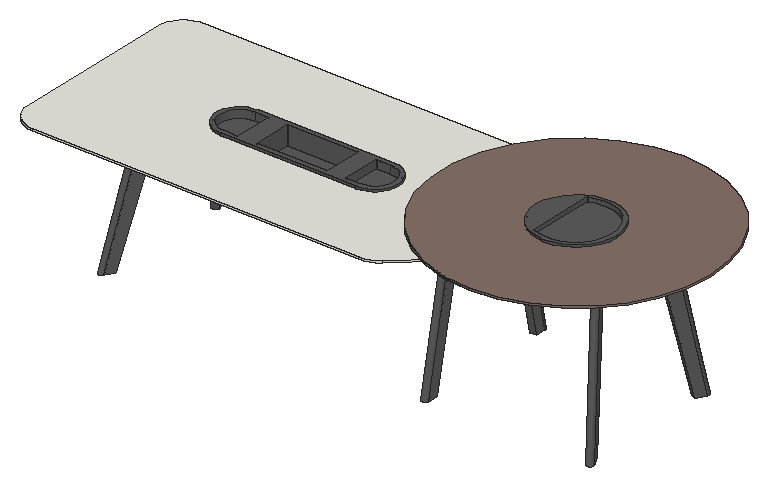
Revit family "Haworth_Immerse_ShiftTable_RectangleRound", category Furniture Systems, Revit 2018
Family settings
  Round Connector Dimension = Use Diameter
  Part Type = Normal
  OmniClass Number = 23.40.70.14.64.21
  OmniClass Title = Systems Furniture
  Work Plane-Based = No
  Always vertical = Yes
  Cut with Voids When Loaded = No
  Shared = No
  Room Calculation Point = No
Parameters (values of type "48d 96w 60dia 29h - Two Planters")
  Warranty = "http://www.haworth.com/resources/product-info/warranties"
  Void Baseline Height = 18"  # constant formula
  Upper Top Finish [instance] = Haworth _ Wood _ Walnut
  Understructure Finish [instance] = Haworth _ Paint _ Black
  URL - Product = "http://www.haworth.com/products/tables/collaborative/immerse"
  Standard Size = "48d 96w, 60d 60w"  # constant formula
  Standard Height = "29 in."  # constant formula
  Stack Spacer Finish [instance] = Haworth _ Paint _ Graphite
  Size = "Verify Final Dim. w/ Haworth"  # constant formula
  Round Planter Void Height = if(Round Planter, 30", 6")  # 30"
  Round Planter = yes
  Planter Finish [instance] = Haworth _ Paint _ Black
  Oblong Planter Void Height = if(Oblong Planter, 22", 6")  # 22"
  Oblong Planter = yes
  Model = "THRD-48D8"
  URL = "https://www.haworth.com/na/en.html"
  Revision Number = "1"  # constant formula
  Manufacturer = "Haworth"  # constant formula
  Lower Top Finish [instance] = Haworth _ Paint _ Polar
  Leg Finish [instance] = Haworth _ Wood _ Ink On Ash
  Description = "Haworth Immerse Shift Table Rectangle Round - 48d 96w 60dia 29h - Two Planters"
  Author = "Haworth (Hampton)"  # constant formula
  Assembly Code = "E2020200"
  Actual Width = 138"  # constant formula
  Actual Height = 29"  # constant formula
  Actual Depth = 60"  # constant formula
Types (5): name | Round Planter Void Height | Round Planter | Oblong Planter Void Height | Oblong Planter | Description
  (no name) | 30" | yes | 22" | yes | "Haworth Immerse Shift Table Rectangle Round - 48d 96w 60dia 29h - Two Planters"
  48d 96w 60dia 29h - Round Planter | 30" | yes | 6" | no | "Haworth Immerse Shift Table Rectangle Round - 448d 96w 60dia 29h - Round Planter"
  48d 96w 60dia 29h - No Planter | 6" | no | 6" | no | "Haworth Immerse Shift Table Rectangle Round - 48d 96w 60dia 29h - No Planters"
  48d 96w 60dia 29h - Oblong Planter | 6" | no | 22" | yes | "Haworth Immerse Shift Table Rectangle Round - 48d 96w 60dia 29h - Oblong Planter"
  48d 96w 60dia 29h - Two Planters | 30" | yes | 22" | yes | "Haworth Immerse Shift Table Rectangle Round - 48d 96w 60dia 29h - Two Planters"
Reference planes (in)
  plane 1 "Center F/B": y = 18.84134
  plane 2 "Floor": z = 0
  plane 3 "Center L/R": x = -40.5
  plane 4 "Table Edge Left": x = -109.5
  plane 5 "Table Edge Right": x = 28.5
  plane 6 "Table Edge Front": y = -11.15866
  plane 7 "Table Edge Back": y = 48.84134
  plane 8 "Round Top": z = 35.75002
  plane 9 "Rect Back": y = 42.84134
  plane 10 "Rect Front": y = -5.15866
  plane 11 "Rect Left": x = -13.5
  plane 12 "Top Radius": x = -28.5
  plane 13 "Round Mid": z = 35.37446
  plane 14 "Round Bottom": z = 34.56196
  plane 15 "Rect Top": z = 29
  plane 16 "Rect Mid": z = 28.62445
  plane 17 "Rect Bottom": z = 27.81195
  plane 18 "Round Center": x = -1.5
  plane 19 "Lower Void Top": z = 40
  plane 20 "Void Bottom": z = 18
  plane 21 "Upper Void Top": z = 48
  plane 22 "Oblong Mid": x = -61.52883
  plane 23: x = -31.50038
  plane 24: z = 25.26507
  plane 25: z = 32.01448
Forms (in)
  Extrusion 1, solid, material "Haworth _ Paint _ Polar" <- "Lower Top Finish"
    sketch origin (0, 0, 37.5) x (-1, 0, 0) y (0, -1, 0)
      loop
        line (30.83857, -42.84134) -> (103.5, -42.84134)
        arc (103.5, -42.84134) -> (107.74264, -41.08398) -> (109.5, -36.84134) r 6
        line (109.5, -36.84134) -> (109.5, -0.84134)
        arc (109.5, -0.84134) -> (107.74264, 3.4013) -> (103.5, 5.15866) r 6
        line (103.5, 5.15866) -> (30.83857, 5.15866)
        arc (30.83857, 5.15866) -> (28.65965, 4.74904) -> (26.77825, 3.57611) r 6
        line (26.77825, 3.57611) -> (15.43969, -6.84578)
        arc (15.43969, -6.84578) -> (14.00628, -8.85096) -> (13.5, -11.26323) r 6
        line (13.5, -11.26323) -> (13.5, -26.41945)
        arc (13.5, -26.41945) -> (14.00628, -28.83173) -> (15.43969, -30.8369) r 6
        line (15.43969, -30.8369) -> (26.77825, -41.25879)
        arc (26.77825, -41.25879) -> (28.65965, -42.43172) -> (30.83857, -42.84134) r 6
    from -8.87555 to -8.5
  Blend 2, solid, material "Haworth _ Paint _ Polar" <- "Lower Top Finish"
    base sketch origin (0, 0, 28.62445) x (0, -1, 0) y (1, 0, 0)
      loop
        arc (-40.84134, -103.5) -> (-39.66977, -106.32843) -> (-36.84134, -107.5) r 4
        line (-36.84134, -107.5) -> (-0.84134, -107.5)
        arc (-0.84134, -107.5) -> (1.98709, -106.32843) -> (3.15866, -103.5) r 4
        line (3.15866, -103.5) -> (3.15866, -31.61809)
        arc (3.15866, -31.61809) -> (2.74904, -29.43918) -> (1.57611, -27.55777) r 6
        line (1.57611, -27.55777) -> (-7.72397, -17.43969)
        arc (-7.72397, -17.43969) -> (-9.72915, -16.00628) -> (-12.14142, -15.5) r 6
        line (-12.14142, -15.5) -> (-25.54126, -15.5)
        arc (-25.54126, -15.5) -> (-27.95353, -16.00628) -> (-29.95871, -17.43969) r 6
        line (-29.95871, -17.43969) -> (-39.25879, -27.55777)
        arc (-39.25879, -27.55777) -> (-40.43172, -29.43918) -> (-40.84134, -31.61809) r 6
        line (-40.84134, -31.61809) -> (-40.84134, -103.5)
    top sketch origin (0, 0, 28.62445) x (0, -1, 0) y (1, 0, 0)
      loop
        arc (-42.84134, -103.5) -> (-41.08398, -107.74264) -> (-36.84134, -109.5) r 6
        line (-36.84134, -109.5) -> (-0.84134, -109.5)
        arc (-0.84134, -109.5) -> (3.4013, -107.74264) -> (5.15866, -103.5) r 6
        line (5.15866, -103.5) -> (5.15866, -30.83857)
        arc (5.15866, -30.83857) -> (4.74904, -28.65965) -> (3.57611, -26.77825) r 6
        line (3.57611, -26.77825) -> (-6.84578, -15.43969)
        arc (-6.84578, -15.43969) -> (-8.85096, -14.00628) -> (-11.26323, -13.5) r 6
        line (-11.26323, -13.5) -> (-26.41945, -13.5)
        arc (-26.41945, -13.5) -> (-28.83173, -14.00628) -> (-30.8369, -15.43969) r 6
        line (-30.8369, -15.43969) -> (-41.25879, -26.77825)
        arc (-41.25879, -26.77825) -> (-42.43172, -28.65965) -> (-42.84134, -30.83857) r 6
        line (-42.84134, -30.83857) -> (-42.84134, -103.5)
    from -0.8125 to 0
  Extrusion 3, solid, material "Haworth _ Wood _ Walnut" <- "Upper Top Finish"
    sketch origin (0, 0, 28.62445) x (0, -1, 0) y (1, 0, 0)
      loop
        circle (-18.84134, -1.5) r 30
    from 6.75002 to 7.12557
  Blend 4, solid, material "Haworth _ Wood _ Walnut" <- "Upper Top Finish"
    base sketch origin (0, 0, 35.87445) x (0, -1, 0) y (1, 0, 0)
      loop
        circle (-18.84134, -1.5) r 28
    top sketch origin (0, 0, 35.37446) x (0, -1, 0) y (1, 0, 0)
      loop
        circle (-18.84134, -1.5) r 30
    from -1.31248 to 0
  Blend 5, solid, material "Haworth _ Wood _ Ink On Ash" <- "Leg Finish"
    base sketch origin (0, 0, 35.87445) x (0, -1, 0) y (1, 0, 0)
      loop
        line (-5.12742, -94.00965) -> (-3.14193, -95.15598)
        arc (-3.14193, -95.15598) -> (-2.08219, -94.87202) -> (-2.36615, -93.81228) r 0.77578
        line (-2.36615, -93.81228) -> (-4.35163, -92.66596) -> (-5.12742, -94.00965)
    top sketch origin (0, 0, 35.37446) x (0, -1, 0) y (1, 0, 0)
      loop
        line (-11.55301, -88.51006) -> (-12.32801, -89.85239) -> (-9.43473, -91.52283)
        arc (-9.43473, -91.52283) -> (-8.37606, -91.23915) -> (-8.65973, -90.18048) r 0.775
        line (-8.65973, -90.18048) -> (-11.55301, -88.51006)
    from -35.87445 to -7.55446
  Extrusion 6, solid, material "Haworth _ Paint _ Black" <- "Understructure Finish"
    sketch origin (0, 18.84134, 0) x (1, 0, 0) y (0, 0, 1)
      loop
        line (-88.54883, 27.81195) -> (-90.28088, 27.81195) -> (-90.28088, 25.26507) -> (-88.54883, 25.26507) -> (-88.54883, 27.81195)
    from -7.76609 to 7.8055
  Blend 7, solid, material "Haworth _ Wood _ Ink On Ash" <- "Leg Finish"
    base sketch origin (-80, 0, 35.37446) x (0, -1, 0) y (1, 0, 0)
      loop
        line (-5.12742, 94.00965) -> (-4.35163, 92.66596) -> (-2.36615, 93.81228)
        arc (-2.36615, 93.81228) -> (-2.08219, 94.87202) -> (-3.14193, 95.15598) r 0.77578
        line (-3.14193, 95.15598) -> (-5.12742, 94.00965)
    top sketch origin (-80, 0, 35.37446) x (0, -1, 0) y (1, 0, 0)
      loop
        line (-11.55301, 88.51006) -> (-8.65973, 90.18048)
        arc (-8.65973, 90.18048) -> (-8.37606, 91.23915) -> (-9.43473, 91.52283) r 0.775
        line (-9.43473, 91.52283) -> (-12.32801, 89.85239) -> (-11.55301, 88.51006)
    from -35.37446 to -0.8125
  Blend 8, solid, material "Haworth _ Wood _ Ink On Ash" <- "Leg Finish"
    base sketch origin (-80, 37.68268, 35.37446) x (0, 1, 0) y (-1, 0, 0)
      loop
        line (-5.12742, -94.00965) -> (-3.14193, -95.15598)
        arc (-3.14193, -95.15598) -> (-2.08219, -94.87202) -> (-2.36615, -93.81228) r 0.77578
        line (-2.36615, -93.81228) -> (-4.35163, -92.66596) -> (-5.12742, -94.00965)
    top sketch origin (-80, 37.68268, 35.37446) x (0, 1, 0) y (-1, 0, 0)
      loop
        line (-11.55301, -88.51006) -> (-12.32801, -89.85239) -> (-9.43473, -91.52283)
        arc (-9.43473, -91.52283) -> (-8.37606, -91.23915) -> (-8.65973, -90.18048) r 0.775
        line (-8.65973, -90.18048) -> (-11.55301, -88.51006)
    from -35.37446 to -0.8125
  Extrusion 9, solid, material "Haworth _ Paint _ Black" <- "Understructure Finish"
    sketch origin (-80, 18.84134, 6.75) x (-1, 0, 0) y (0, 0, -1)
      loop
        line (-88.54883, -27.81195) -> (-88.54883, -25.26448) -> (-90.28088, -25.26448) -> (-90.28088, -27.81195) -> (-88.54883, -27.81195)
    from -7.76609 to 7.8055
  Blend 10, solid, material "Haworth _ Wood _ Ink On Ash" <- "Leg Finish"
    base sketch origin (0, 0, 35.87445) x (0, -1, 0) y (1, 0, 0)
      loop
        line (-4.90286, -22.96047) -> (-2.64952, -22.96047)
        arc (-2.64952, -22.96047) -> (-1.87452, -22.18547) -> (-2.64952, -21.41047) r 0.775
        line (-2.64952, -21.41047) -> (-4.90286, -21.41047) -> (-4.90286, -22.96047)
    top sketch origin (0, 0, 35.37446) x (0, -1, 0) y (1, 0, 0)
      loop
        line (-10.91669, -22.96052) -> (-8.31345, -22.96052)
        arc (-8.31345, -22.96052) -> (-7.5384, -22.18547) -> (-8.31345, -21.41042) r 0.77505
        line (-8.31345, -21.41042) -> (-10.91669, -21.41042) -> (-10.91669, -22.96052)
    from -35.87445 to -7.56252
  Blend 11, solid, material "Haworth _ Wood _ Ink On Ash" <- "Leg Finish"
    base sketch origin (0, 37.68268, 35.37446) x (0, 1, 0) y (-1, 0, 0)
      loop
        line (-4.90286, 22.96047) -> (-4.90286, 21.41047) -> (-2.64952, 21.41047)
        arc (-2.64952, 21.41047) -> (-1.87452, 22.18547) -> (-2.64952, 22.96047) r 0.775
        line (-2.64952, 22.96047) -> (-4.90286, 22.96047)
    top sketch origin (0, 37.68268, 35.37446) x (0, 1, 0) y (-1, 0, 0)
      loop
        line (-10.91669, 22.96052) -> (-10.91669, 21.41042) -> (-8.31345, 21.41042)
        arc (-8.31345, 21.41042) -> (-7.5384, 22.18547) -> (-8.31345, 22.96052) r 0.77505
        line (-8.31345, 22.96052) -> (-10.91669, 22.96052)
    from -35.37446 to -7.56252
  Blend 12, solid, material "Haworth _ Paint _ Graphite" <- "Stack Spacer Finish"
    base sketch origin (0, 0, 35.37446) x (0, -1, 0) y (1, 0, 0)
      loop
        line (-29.60909, -22.93693) -> (-8.07359, -22.93693)
        arc (-8.07359, -22.93693) -> (-7.29856, -22.16189) -> (-8.07359, -21.38686) r 0.77503
        line (-8.07359, -21.38686) -> (-29.60909, -21.38686)
        arc (-29.60909, -21.38686) -> (-30.38413, -22.16189) -> (-29.60909, -22.93693) r 0.77503
    top sketch origin (0, 0, 35.37446) x (0, -1, 0) y (1, 0, 0)
      loop
        line (-28.279, -22.93693) -> (-9.40368, -22.93693)
        arc (-9.40368, -22.93693) -> (-8.62865, -22.16189) -> (-9.40368, -21.38686) r 0.77503
        line (-9.40368, -21.38686) -> (-28.279, -21.38686)
        arc (-28.279, -21.38686) -> (-29.05403, -22.16189) -> (-28.279, -22.93693) r 0.77503
    from -6.37446 to -0.80345
  Extrusion 13, solid, material "Haworth _ Paint _ Black" <- "Understructure Finish"
    sketch origin (3.75, 18.84134, 0) x (1, 0, 0) y (0, 0, 1)
      loop
        line (-26.68693, 27.81195) -> (-92.29883, 27.81195) -> (-92.29883, 25.26507) -> (-26.68693, 25.26507) -> (-26.68693, 27.81195)
    from 6.49696 to 7.90541
  Extrusion 14, solid, material "Haworth _ Paint _ Black" <- "Understructure Finish"
    sketch origin (3.75, 18.84134, 0) x (1, 0, 0) y (0, 0, -1)
      loop
        line (-26.68693, -27.81195) -> (-26.68693, -25.26507) -> (-92.29883, -25.26507) -> (-92.29883, -27.81195) -> (-26.68693, -27.81195)
    from 6.49696 to 7.90178
  Extrusion 15, solid, material "Haworth _ Paint _ Black" <- "Understructure Finish"
    sketch origin (-85.75, 18.84134, 6.75) x (-1, 0, 0) y (0, 0, -1)
      loop
        line (-64.4661, -27.81195) -> (-64.4661, -25.26448) -> (-94.29883, -25.26448) -> (-94.29883, -27.81195) -> (-64.4661, -27.81195)
    from -8.13731 to -6.75178
  Extrusion 16, solid, material "Haworth _ Paint _ Black" <- "Understructure Finish"
    sketch origin (-85.75, 18.84134, 6.75) x (-1, 0, 0) y (0, 0, 1)
      loop
        line (-64.4661, 27.81195) -> (-94.29883, 27.81195) -> (-94.29883, 25.26448) -> (-64.4661, 25.26448) -> (-64.4661, 27.81195)
    from -8.13731 to -6.73249
  Extrusion 17, solid, material "Haworth _ Paint _ Black" <- "Understructure Finish"
    sketch origin (67.24575, 18.84134, 0) x (1, 0, 0) y (0, 0, 1)
      loop
        line (-88.54883, 27.81195) -> (-90.28088, 27.81195) -> (-90.28088, 25.26507) -> (-88.54883, 25.26507) -> (-88.54883, 27.81195)
    from -8.74854 to 8.74854
  Extrusion 18, void
    sketch origin (0, 0, 18) x (-1, 0, 0) y (0, -1, 0)
      loop
        arc (76.59, -23.65134) -> (81.4, -18.84134) -> (76.59, -14.03134) r 4.81
        line (76.59, -14.03134) -> (46.41, -14.03134)
        arc (46.41, -14.03134) -> (41.6, -18.84134) -> (46.41, -23.65134) r 4.81
        line (46.41, -23.65134) -> (76.59, -23.65134)
    from 0 to 22
  Extrusion 19, void
    sketch origin (0, 0, 18) x (-1, 0, 0) y (0, -1, 0)
      loop
        line (5.61887, -26.65184) -> (5.61887, -23.65184) -> (8.9046, -23.65184)
        arc (8.9046, -23.65184) -> (10.33, -18.84134) -> (8.9046, -14.03084) r 8.83
        line (8.9046, -14.03084) -> (5.61887, -14.03084) -> (5.61887, -11.03084)
        arc (5.61887, -11.03084) -> (-7.33, -18.84134) -> (5.61887, -26.65184) r 8.83
    from 0 to 30
  Blend 20, solid, material "Haworth _ Wood _ Ink On Ash" <- "Leg Finish"
    base sketch origin (0, 37.68268, 35.37446) x (0, 1, 0) y (-1, 0, 0)
      loop
        line (-5.12742, 94.00965) -> (-4.35163, 92.66596) -> (-2.36615, 93.81228)
        arc (-2.36615, 93.81228) -> (-2.08219, 94.87202) -> (-3.14193, 95.15598) r 0.77578
        line (-3.14193, 95.15598) -> (-5.12742, 94.00965)
    top sketch origin (0, 37.68268, 35.37446) x (0, 1, 0) y (-1, 0, 0)
      loop
        line (-11.55301, 88.51006) -> (-8.65973, 90.18048)
        arc (-8.65973, 90.18048) -> (-8.37606, 91.23915) -> (-9.43473, 91.52283) r 0.775
        line (-9.43473, 91.52283) -> (-12.32801, 89.85239) -> (-11.55301, 88.51006)
    from -35.37446 to -7.55446
Cuts and joins
  Extrusion 18 cuts Extrusion 1
  Extrusion 18 cuts Blend 2
  Extrusion 19 cuts Extrusion 3
  Extrusion 19 cuts Blend 4
Lines and regions (in)
  Masking region 1
    outline origin (0, 0, 0) x (1, 0, 0) y (0, 1, 0)
      loop
        arc (-103.5, 42.84134) -> (-107.74264, 41.08398) -> (-109.5, 36.84134) r 6
        line (-109.5, 36.84134) -> (-109.5, 0.84134)
        arc (-109.5, 0.84134) -> (-107.74264, -3.4013) -> (-103.5, -5.15866) r 6
        line (-103.5, -5.15866) -> (-30.83857, -5.15866)
        arc (-30.83857, -5.15866) -> (-28.65965, -4.74904) -> (-26.77825, -3.57611) r 6
        line (-26.77825, -3.57611) -> (-23.98933, -1.01266)
        arc (-23.98933, -1.01266) -> (28.5, 18.84134) -> (-23.98933, 38.69535) r 29.99954
        line (-23.98933, 38.69535) -> (-26.77825, 41.25879)
        arc (-26.77825, 41.25879) -> (-28.65965, 42.43172) -> (-30.83857, 42.84134) r 6
        line (-30.83857, 42.84134) -> (-103.5, 42.84134)
  symbolic lines, style "Haworth Hidden", detail levels fine
    curve 1: arc (-22.96052, 2.63669, 0) -> (-22.18549, 1.86167, 0) -> (-21.41047, 2.63669, 0) r 0.77502
    curve 2: line (-22.96052, 2.63669, 0) -> (-22.96052, 35.04599, 0)
    curve 3: line (-21.41047, 2.63669, 0) -> (-21.41047, 35.04599, 0)
    curve 4: arc (-22.96052, 35.04599, 0) -> (-22.18549, 35.82101, 0) -> (-21.41047, 35.04599, 0) r 0.77502
    curve 5: line (-90.28088, 25.73538, 0) -> (-90.28088, 12.13095, 0)
    curve 6: line (-88.54883, 25.3383, 0) -> (-88.54883, 12.34438, 0)
    curve 7: line (-88.54883, 25.3383, 0) -> (-23.35142, 25.3383, 0)
    curve 8: line (-88.54815, 26.74312, 0) -> (-23.35142, 26.74312, 0)
    curve 9: line (-88.54883, 12.34438, 0) -> (-23.35142, 12.34438, 0)
    curve 10: line (-88.54815, 10.93956, 0) -> (-23.35142, 10.93956, 0)
    curve 11: line (-21.2839, 26.97866, 0) -> (8.54883, 26.97866, 0)
    curve 12: line (-21.2839, 25.57384, 0) -> (8.54883, 25.57384, 0)
    curve 13: line (-21.2839, 12.10885, 0) -> (8.54883, 12.10885, 0)
    curve 14: line (-21.2839, 10.70403, 0) -> (8.54883, 10.70403, 0)
    curve 15: line (10.28088, 25.73538, 0) -> (10.28088, 11.918, 0)
    curve 16: line (8.54883, 25.3383, 0) -> (8.54883, 12.34438, 0)
    curve 18: line (-88.54815, 10.93956, 0) -> (-93.4404, 2.46593, 0)
    curve 19: line (-90.28088, 12.13095, 0) -> (-95.25584, 3.51408, 0)
    curve 20: arc (-93.4404, 2.46593, 0) -> (-94.87219, 2.08229, 0) -> (-95.25584, 3.51408, 0) r 1.04814
    curve 21: line (-88.54815, 26.74312, 0) -> (-93.4404, 35.21675, 0)
    curve 22: line (-90.28088, 25.55173, 0) -> (-95.25584, 34.16861, 0)
    curve 23: arc (-93.4404, 35.21675, 0) -> (-94.87219, 35.60039, 0) -> (-95.25584, 34.16861, 0) r 1.04814
    curve 24: line (8.54815, 26.74312, 0) -> (13.4404, 35.21675, 0)
    curve 25: line (10.28088, 25.55173, 0) -> (15.25584, 34.16861, 0)
    curve 26: arc (13.4404, 35.21675, 0) -> (14.87219, 35.60039, 0) -> (15.25584, 34.16861, 0) r 1.04814
    curve 27: line (8.54815, 10.93956, 0) -> (13.4404, 2.46593, 0)
    curve 28: line (10.28088, 12.13095, 0) -> (15.25584, 3.51408, 0)
    curve 29: arc (13.4404, 2.46593, 0) -> (14.87219, 2.08229, 0) -> (15.25584, 3.51408, 0) r 1.04814
  symbolic lines, style "Haworth"
    curve 17: arc (-24.09532, 38.57586, 0) -> (-31.50038, 18.68952, 0) -> (-24.09532, -1.19681, 0) r 30.40499
  symbolic lines, style "Haworth Hidden"
    curve 30: line (-23.98933, 38.69535, 0) -> (-15.43969, 30.8369, 0)
    curve 31: arc (-15.43969, 30.8369, 0) -> (-14.00628, 28.83173, 0) -> (-13.5, 26.41945, 0) r 6
    curve 32: line (-13.5, 26.41945, 0) -> (-13.5, 18.84134, 0)
    curve 33: line (-23.98933, -1.01266, 0) -> (-15.43969, 6.84578, 0)
    curve 34: arc (-15.43969, 6.84578, 0) -> (-14.00628, 8.85096, 0) -> (-13.5, 11.26323, 0) r 6
    curve 35: line (-13.5, 11.26323, 0) -> (-13.5, 18.84134, 0)
Dimensions and locks (in)
  "Actual Depth": plane 7 "Table Edge Back" to plane 6 "Table Edge Front"
  "Actual Width": plane 4 "Table Edge Left" to plane 5 "Table Edge Right"
  equal spacing: plane 4 "Table Edge Left", plane 3 "Center L/R", plane 5 "Table Edge Right"
  equal spacing: plane 7 "Table Edge Back", plane 1 "Center F/B", plane 6 "Table Edge Front"
  plane 10 "Rect Front" to plane 1 "Center F/B" to plane 9 "Rect Back" = 24", 24"
  "Void Baseline Height": plane 20 "Void Bottom" to plane 2 "Floor"
  "Oblong Planter Void Height": plane 19 "Lower Void Top" to plane 20 "Void Bottom"
  "Round Planter Void Height": plane 21 "Upper Void Top" to plane 20 "Void Bottom"
  "Actual Height": plane 15 "Rect Top" to plane 2 "Floor"
  plane 8 "Round Top" to plane 13 "Round Mid" to plane 14 "Round Bottom" to plane 25 to plane 15 "Rect Top" to plane 16 "Rect Mid" to plane 17 "Rect Bottom" to plane 24 = 0.37555" locked, 13/16" locked, 2.54748" locked, 3.01448" locked, 0.37555" locked, 13/16" locked, 2 35/64" locked
  aligned and locked: plane 16 "Rect Mid" to Extrusion 1
  aligned and locked: plane 17 "Rect Bottom" to Blend 2
  aligned and locked: Blend 2 to plane 16 "Rect Mid"
  aligned and locked: Extrusion 3 to plane 8 "Round Top"
  aligned and locked: plane 13 "Round Mid" to Extrusion 3
  aligned and locked: Extrusion 18 to plane 20 "Void Bottom"
  aligned and locked: plane 19 "Lower Void Top" to Extrusion 18
  aligned and locked: Extrusion 19 to plane 20 "Void Bottom"
  aligned and locked: Extrusion 19 to plane 21 "Upper Void Top"
  aligned and locked: nested 5 to plane 1 "Center F/B"
  aligned and locked: plane 22 "Oblong Mid" to nested 5
  aligned and locked: nested 6 to plane 1 "Center F/B"
  aligned and locked: plane 18 "Round Center" to nested 6
  aligned and locked: plane 8 "Round Top" to nested 6
  aligned and locked: Blend 5 to plane 2 "Floor"
  aligned and locked: Blend 20 to plane 2 "Floor"
  aligned and locked: Blend 10 to plane 2 "Floor"
  aligned and locked: Blend 11 to plane 2 "Floor"
  aligned and locked: Blend 7 to plane 2 "Floor"
  aligned and locked: Blend 8 to plane 2 "Floor"
  aligned and locked: cut or joined group of Extrusion 1, Extrusion 18 to plane 15 "Rect Top"
  aligned and locked: plane 15 "Rect Top" to nested 5
  aligned and locked: nested 1 to plane 17 "Rect Bottom"
  aligned and locked: plane 17 "Rect Bottom" to nested 2
  aligned and locked: cut or joined group of Blend 4, Extrusion 19 to plane 13 "Round Mid"
  aligned and locked: plane 14 "Round Bottom" to nested 3
  aligned and locked: nested 4 to plane 14 "Round Bottom"
  aligned and locked: Extrusion 13 to plane 24
  aligned and locked: Extrusion 14 to plane 24
  aligned and locked: Extrusion 6 to plane 24
  aligned and locked: Extrusion 17 to plane 24
  aligned and locked: plane 14 "Round Bottom" to cut or joined group of Blend 4, Extrusion 19
Automatic sketch dimensions
  Extrusion 1 sketch curve to plane 11 "Rect Left" = 0"
  Extrusion 1 sketch curve to plane 9 "Rect Back" = 0"
  plane 10 "Rect Front" to Extrusion 1 sketch curve = 0"
  Extrusion 1 sketch curve to plane 4 "Table Edge Left" = 0"
  Extrusion 1 sketch curve to plane 11 "Rect Left" = 1.93969"  (x2)
  Extrusion 1 sketch curve to Extrusion 1 sketch curve = 4.06031"
  Extrusion 1 sketch curve to Extrusion 1 sketch curve = 6"
  plane 12 "Top Radius" to Extrusion 1 sketch curve = 1.72175"  (x2)
  Extrusion 1 sketch curve to plane 12 "Top Radius" = 2.33857"  (x2)
  plane 4 "Table Edge Left" to Extrusion 1 sketch curve = 6"  (x2)
  Extrusion 1 sketch curve to plane 9 "Rect Back" = 1.58255"
  Extrusion 1 sketch curve to plane 10 "Rect Front" = 6"
  Blend 2 sketch curve to plane 9 "Rect Back" = 2"
  plane 12 "Top Radius" to Blend 2 sketch curve = 0.94223"  (x2)
  Blend 2 sketch curve to plane 9 "Rect Back" = 3.58255"
  Blend 2 sketch curve to Blend 2 sketch curve = 4"
  Blend 2 sketch curve to plane 12 "Top Radius" = 3.11809"
  Blend 2 sketch curve to plane 10 "Rect Front" = 6"  (x2)
  Blend 2 sketch curve to plane 10 "Rect Front" = 3.58255"
  Blend 2 sketch curve to plane 10 "Rect Front" = 2"
  plane 4 "Table Edge Left" to Blend 2 sketch curve = 6"  (x3)
  plane 12 "Top Radius" to Blend 2 sketch curve = 7"  (x2)
  Blend 2 sketch curve to plane 11 "Rect Left" = 3.93969"
  Blend 2 sketch curve to plane 9 "Rect Back" = 0"
  Blend 2 sketch curve to plane 4 "Table Edge Left" = 0"
  Blend 2 sketch curve to plane 11 "Rect Left" = 0"
  plane 10 "Rect Front" to Blend 2 sketch curve = 0"
  Blend 2 sketch curve to plane 9 "Rect Back" = 1.58255"
  Blend 2 sketch curve to plane 12 "Top Radius" = 2.33857"  (x2)
  Blend 2 sketch curve to Blend 2 sketch curve = 6"  (x3)
  Blend 2 sketch curve to plane 10 "Rect Front" = 1.58255"
  plane 1 "Center F/B" to Extrusion 3 sketch curve = 0"
  Extrusion 3 sketch curve to plane 18 "Round Center" = 0"
  plane 1 "Center F/B" to Blend 4 sketch curve = 0"  (x2)
  Blend 4 sketch curve to plane 18 "Round Center" = 0"  (x2)
  Blend 5 sketch curve to Blend 5 sketch curve = 0.77578"
  Blend 5 sketch curve to Blend 5 sketch curve = 1.98549"
  Blend 5 sketch curve to Blend 5 sketch curve = 0.38789"  (x2)
  plane 4 "Table Edge Left" to Blend 5 sketch curve = 14.34402"
  Blend 5 sketch curve to Blend 5 sketch curve = 0.67185"
  Blend 5 sketch curve to Blend 5 sketch curve = 0.775"
  plane 4 "Table Edge Left" to Blend 5 sketch curve = 17.97717"
  Blend 5 sketch curve to Blend 5 sketch curve = 0.67117"
  Blend 5 sketch curve to Blend 5 sketch curve = 1.67043"
  Blend 5 sketch curve to Blend 5 sketch curve = 1.34233"
  Blend 7 sketch curve to Blend 7 sketch curve = 0.77578"
  Blend 7 sketch curve to Blend 7 sketch curve = 1.98549"
  Blend 7 sketch curve to Blend 7 sketch curve = 0.38789"  (x2)
  plane 5 "Table Edge Right" to Blend 7 sketch curve = 13.34402"
  Blend 7 sketch curve to Blend 7 sketch curve = 0.67185"
  Blend 7 sketch curve to Blend 7 sketch curve = 0.775"
  Blend 7 sketch curve to plane 18 "Round Center" = 13.02283"
  Blend 7 sketch curve to Blend 7 sketch curve = 0.67117"
  Blend 7 sketch curve to Blend 7 sketch curve = 1.67043"
  Blend 7 sketch curve to Blend 7 sketch curve = 1.34233"
  Blend 8 sketch curve to Blend 8 sketch curve = 0.77578"
  Blend 8 sketch curve to Blend 8 sketch curve = 1.98549"
  Blend 8 sketch curve to Blend 8 sketch curve = 0.38789"  (x2)
  Blend 8 sketch curve to plane 5 "Table Edge Right" = 13.34402"
  Blend 8 sketch curve to Blend 8 sketch curve = 0.67185"
  Blend 8 sketch curve to Blend 8 sketch curve = 0.775"
  plane 18 "Round Center" to Blend 8 sketch curve = 13.02283"
  Blend 8 sketch curve to Blend 8 sketch curve = 0.67117"
  Blend 8 sketch curve to Blend 8 sketch curve = 1.67043"
  Blend 8 sketch curve to Blend 8 sketch curve = 1.34233"
  Extrusion 9 sketch curve to plane 14 "Round Bottom" = 0"
  Extrusion 9 sketch curve to plane 18 "Round Center" = 11.78088"
  Extrusion 9 sketch curve to Extrusion 9 sketch curve = 1.73205"
  Extrusion 9 sketch curve to Extrusion 9 sketch curve = 2.54747"
  Blend 10 sketch curve to Blend 10 sketch curve = 2.25334"
  plane 12 "Top Radius" to Blend 10 sketch curve = 5.53953"
  Blend 10 sketch curve to Blend 10 sketch curve = 0.775"
  plane 12 "Top Radius" to Blend 10 sketch curve = 5.53948"
  Blend 10 sketch curve to Blend 10 sketch curve = 0.77505"
  Blend 11 sketch curve to Blend 11 sketch curve = 2.25334"
  Blend 11 sketch curve to plane 12 "Top Radius" = 5.53953"
  Blend 11 sketch curve to Blend 11 sketch curve = 0.775"
  Blend 11 sketch curve to plane 12 "Top Radius" = 5.53948"
  Blend 11 sketch curve to Blend 11 sketch curve = 0.77505"
  plane 12 "Top Radius" to Blend 12 sketch curve = 5.56307"  (x2)
  Blend 12 sketch curve to Blend 12 sketch curve = 0.77503"  (x2)
  Extrusion 15 sketch curve to plane 14 "Round Bottom" = 0"
  Extrusion 15 sketch curve to plane 18 "Round Center" = 10.04883"
  Extrusion 15 sketch curve to plane 12 "Top Radius" = 7.2161"
  Extrusion 15 sketch curve to Extrusion 15 sketch curve = 2.54747"
  plane 14 "Round Bottom" to Extrusion 16 sketch curve = 0"
  plane 18 "Round Center" to Extrusion 16 sketch curve = 10.04883"
  plane 12 "Top Radius" to Extrusion 16 sketch curve = 7.2161"
  Extrusion 16 sketch curve to Extrusion 16 sketch curve = 2.54747"
  plane 1 "Center F/B" to Extrusion 18 sketch curve = 0"
  Extrusion 18 sketch curve to plane 3 "Center L/R" = 5.91"
  plane 1 "Center F/B" to Extrusion 18 sketch curve = 4.81"
  Extrusion 18 sketch curve to plane 22 "Oblong Mid" = 15.06117"
  Extrusion 19 sketch curve to Extrusion 19 sketch curve = 0"  (x2)
  plane 1 "Center F/B" to Extrusion 19 sketch curve = 0"
  Extrusion 19 sketch curve to plane 18 "Round Center" = 0"
  Extrusion 19 sketch curve to plane 18 "Round Center" = 4.11887"  (x2)
  Extrusion 19 sketch curve to Extrusion 19 sketch curve = 3.28573"  (x2)
  Extrusion 19 sketch curve to plane 1 "Center F/B" = 4.8105"
  Blend 20 sketch curve to Blend 20 sketch curve = 0.77578"
  Blend 20 sketch curve to Blend 20 sketch curve = 1.98549"
  Blend 20 sketch curve to Blend 20 sketch curve = 0.38789"  (x2)
  Blend 20 sketch curve to plane 4 "Table Edge Left" = 14.34402"
  Blend 20 sketch curve to Blend 20 sketch curve = 0.67185"
  Blend 20 sketch curve to Blend 20 sketch curve = 0.775"
  Blend 20 sketch curve to plane 4 "Table Edge Left" = 17.97717"
  Blend 20 sketch curve to Blend 20 sketch curve = 0.67117"
  Blend 20 sketch curve to Blend 20 sketch curve = 1.67043"
  Blend 20 sketch curve to Blend 20 sketch curve = 1.34233"
  Masking region 1 sketch curve to plane 4 "Table Edge Left" = 0"
  plane 10 "Rect Front" to Masking region 1 sketch curve = 0"
  Masking region 1 sketch curve to plane 9 "Rect Back" = 0"
  plane 1 "Center F/B" to Masking region 1 sketch curve = 0"
  plane 4 "Table Edge Left" to Masking region 1 sketch curve = 6"  (x2)
  Masking region 1 sketch curve to plane 23 = 0.66181"  (x2)
  plane 12 "Top Radius" to Masking region 1 sketch curve = 1.72175"  (x2)
  plane 18 "Round Center" to Masking region 1 sketch curve = 0.00046"
  Masking region 1 sketch curve to plane 10 "Rect Front" = 1.58255"
  Masking region 1 sketch curve to plane 9 "Rect Back" = 6"
  Masking region 1 sketch curve to Masking region 1 sketch curve = 2.78892"  (x2)
  Masking region 1 sketch curve to Masking region 1 sketch curve = 2.56344"
  curve 31 to plane 11 "Rect Left" = 0"
  plane 1 "Center F/B" to curve 35 = 0"
  curve 30 to plane 11 "Rect Left" = 1.93969"
  curve 33 to plane 11 "Rect Left" = 1.93969"
  curve 34 to curve 33 = 4.06031"
  curve 31 to curve 32 = 6"
  plane 12 "Top Radius" to curve 3 = 7.08953"
  curve 4 to curve 3 = 0.77502"
  plane 4 "Table Edge Left" to curve 21 = 20.95185"
  curve 18 to curve 8 = 0"
  curve 9 to curve 10 = 0.00068"
  curve 19 to curve 6 = 1.73205"
  curve 21 to curve 8 = 4.89225"
  curve 18 to curve 10 = 4.89225"
  curve 23 to curve 21 = 0.90772"
  curve 20 to curve 20 = 0.90772"
  curve 19 to curve 20 = 0.90772"
  curve 22 to curve 23 = 0.90772"
  plane 1 "Center F/B" to curve 17 = 0.15182"
  plane 18 "Round Center" to curve 17 = 0.40461"
  plane 18 "Round Center" to curve 27 = 14.9404"
  plane 18 "Round Center" to curve 24 = 14.9404"
  curve 24 to curve 26 = 0.90772"
  curve 27 to curve 29 = 0.90772"
  curve 29 to curve 28 = 0.90772"
  curve 26 to curve 25 = 0.90772"
  curve 10 to curve 6 = 1.40482"
  curve 7 to curve 8 = 1.40482"
  curve 11 to curve 31 = 1.7839"
  curve 12 to curve 11 = 0"
  curve 14 to curve 34 = 1.7839"
  curve 13 to curve 14 = 0"
  curve 9 to curve 13 = 2.06752"
  curve 7 to curve 12 = 2.06752"
  curve 10 to curve 9 = 0"
  curve 8 to curve 7 = 0"
  curve 33 to curve 2 = 1.02882"
  curve 30 to curve 4 = 1.02882"
  curve 17 to curve 30 = 0.10599"
  curve 17 to curve 33 = 0.10599"
  curve 27 to curve 27 = 4.89225"
  curve 24 to curve 26 = 4.89225"
  curve 24 to curve 12 = 0.00068"
  curve 27 to curve 14 = 0.00068"
  curve 27 to curve 16 = 0.00068"
  curve 24 to curve 11 = 0.00068"
  curve 13 to curve 16 = 0"
  curve 13 to curve 28 = 1.73205"
  curve 33 to curve 2 = 3.64936"
  curve 17 to curve 33 = 0.18415"
  curve 14 to curve 27 = 0.23553"
  curve 15 to curve 28 = 0.21296"
  curve 27 to curve 13 = 1.16929"
  curve 13 to curve 16 = 0.23553"
  curve 16 to curve 24 = 1.40482"
  curve 6 to curve 22 = 0.21343"
  curve 16 to curve 25 = 0.21343"
  curve 12 to curve 31 = 0.84562"
  curve 25 to curve 15 = 0.18365"
  curve 22 to curve 5 = 0.18365"
  curve 12 to curve 11 = 1.40482"
  curve 17 to curve 30 = 0.11948"
  Extrusion 6 sketch curve to plane 17 "Rect Bottom" = 0"
  plane 4 "Table Edge Left" to Extrusion 6 sketch curve = 19.21912"
  Extrusion 6 sketch curve to Extrusion 6 sketch curve = 1.73205"
  Extrusion 6 sketch curve to plane 19 "Lower Void Top" = 14.73493"
  Extrusion 13 sketch curve to plane 17 "Rect Bottom" = 0"
  plane 4 "Table Edge Left" to Extrusion 13 sketch curve = 20.95117"
  plane 12 "Top Radius" to Extrusion 13 sketch curve = 5.56307"
  Extrusion 13 sketch curve to plane 19 "Lower Void Top" = 14.73493"
  Extrusion 14 sketch curve to plane 17 "Rect Bottom" = 0"
  plane 4 "Table Edge Left" to Extrusion 14 sketch curve = 20.95117"
  plane 12 "Top Radius" to Extrusion 14 sketch curve = 5.56307"
  Extrusion 14 sketch curve to plane 19 "Lower Void Top" = 14.73493"
  Extrusion 17 sketch curve to plane 17 "Rect Bottom" = 0"
  plane 12 "Top Radius" to Extrusion 17 sketch curve = 5.46487"
  Extrusion 17 sketch curve to Extrusion 17 sketch curve = 1.73205"
  Extrusion 17 sketch curve to plane 19 "Lower Void Top" = 14.73493"
  curve 7 to plane 1 "Center F/B" = 6.49696"
  curve 32 to plane 1 "Center F/B" = 7 37/64"
  curve 22 to plane 9 "Rect Back" = 8.67274"
  curve 25 to plane 9 "Rect Back" = 8.67274"
  curve 22 to curve 23 = 0.52407"
  curve 26 to curve 26 = 0.52407"
  curve 2 to curve 17 = 3.52987"
  curve 16 to curve 12 = 0.23553"
  Extrusion 1 sketch curve to plane 1 "Center F/B" = 11.99556"
  Blend 2 sketch curve to plane 1 "Center F/B" = 11.11737"
  Blend 2 sketch curve to Blend 2 sketch curve = 4.41745"
  Blend 2 sketch curve to plane 11 "Rect Left" = 1.93969"  (x2)
  Blend 2 sketch curve to plane 1 "Center F/B" = 11.99556"
  Blend 8 sketch curve to plane 9 "Rect Back" = 10.28608"
  Blend 8 sketch curve to plane 1 "Center F/B" = 6.51333"
  Blend 8 sketch curve to Blend 8 sketch curve = 2.89328"
  Blend 8 sketch curve to Blend 8 sketch curve = 0.3875"  (x2)
  plane 9 "Rect Back" to Blend 11 sketch curve = 10.06152"
  plane 1 "Center F/B" to Blend 11 sketch curve = 7.92465"
  Blend 11 sketch curve to Blend 11 sketch curve = 2.60324"
  Blend 12 sketch curve to plane 1 "Center F/B" = 10.76775"
  Blend 12 sketch curve to plane 1 "Center F/B" = 9.43766"
  Extrusion 19 sketch curve to Extrusion 19 sketch curve = 3"
  plane 9 "Rect Back" to Blend 20 sketch curve = 10.28608"
  plane 1 "Center F/B" to Blend 20 sketch curve = 6.51333"
  Blend 20 sketch curve to Blend 20 sketch curve = 2.89328"
  Blend 20 sketch curve to Blend 20 sketch curve = 0.3875"  (x2)
  plane 1 "Center F/B" to curve 9 = 6.49696"
  curve 19 to curve 6 = 0.21343"
  curve 10 to curve 34 = 0.32367"
  curve 19 to plane 10 "Rect Front" = 8.67274"
  curve 28 to plane 10 "Rect Front" = 8.67274"
  curve 29 to curve 29 = 0.52407"
  curve 20 to curve 20 = 0.52407"
  curve 3 to curve 34 = 4.20909"
  plane 1 "Center F/B" to curve 16 = 6.49696"
  curve 13 to curve 28 = 0.02211"
  plane 1 "Center F/B" to Extrusion 1 sketch curve = 7 37/64"
  Blend 2 sketch curve to plane 11 "Rect Left" = 2"
  plane 1 "Center F/B" to Blend 2 sketch curve = 6.69992"
  plane 23 to Blend 2 sketch curve = 0.11771"
  plane 1 "Center F/B" to Blend 2 sketch curve = 7 37/64"
  Blend 5 sketch curve to plane 10 "Rect Front" = 10.28608"
  plane 1 "Center F/B" to Blend 5 sketch curve = 6.51333"
  Blend 5 sketch curve to Blend 5 sketch curve = 2.89328"
  Blend 5 sketch curve to Blend 5 sketch curve = 0.3875"  (x2)
  plane 10 "Rect Front" to Blend 7 sketch curve = 10.28608"
  Blend 7 sketch curve to plane 1 "Center F/B" = 6.51333"
  Blend 7 sketch curve to Blend 7 sketch curve = 2.89328"
  Blend 7 sketch curve to Blend 7 sketch curve = 0.3875"  (x2)
  Blend 10 sketch curve to plane 10 "Rect Front" = 10.06152"
  plane 1 "Center F/B" to Blend 10 sketch curve = 7.92465"
  Blend 10 sketch curve to Blend 10 sketch curve = 2.60324"
  plane 1 "Center F/B" to Blend 12 sketch curve = 10.76775"
  plane 1 "Center F/B" to Blend 12 sketch curve = 9.43766"
  radius of Extrusion 3 sketch curve = 30"
  radius of Blend 4 sketch curve = 28"
  radius of Blend 4 sketch curve = 30"
Nested families (in)
  nested 1: "Haworth_Immerse_Support_Part" at (-63.53282, -24.63515, -0.42446) x (0.866, -0.5, 0) z (0, 0, 1), Understructure Finish <- "Understructure Finish", type "Support"
    with Understructure Finish Haworth _ Paint _ Black
  nested 2: "Haworth_Immerse_Support_Part" at (-63.53282, 62.31783, -0.42446) x (0.866, 0.5, 0) z (0, 0, 1), Understructure Finish <- "Understructure Finish", type "Support"
    with Understructure Finish Haworth _ Paint _ Black
  nested 3: "Haworth_Immerse_Support_Part" at (-16.46718, -24.63515, 6.32556) x (-0.866, -0.5, 0) z (0, 0, 1), Understructure Finish <- "Understructure Finish", type "Support"
    with Understructure Finish Haworth _ Paint _ Black
  nested 4: "Haworth_Immerse_Support_Part" at (-16.46718, 62.31783, 6.32556) x (-0.866, 0.5, 0) z (0, 0, 1), Understructure Finish <- "Understructure Finish", type "Support"
    with Understructure Finish Haworth _ Paint _ Black
  nested 5: "Haworth_Immerse_Planter_Oblong" at (-21.02883, 30, -0.49998), Planter Finish <- "Planter Finish", visible <- "Oblong Planter", type "EHPO"
    with Planter Finish Haworth _ Paint _ Black
  nested 6: "Haworth_Immerse_Planter_Round" at (-42, 7.68268, 6.25003) x (-1, 0, 0) z (0, 0, 1), visible <- "Round Planter", Planter Finish <- "Planter Finish", type "EHPR"
    with Planter Finish Haworth _ Paint _ Black
Definition of nested family "Haworth_Immerse_Support_Part"
  Parameters
    Warranty = "http://www.haworth.com/product-info/warranties"
    Understructure Finish [instance] = none
    URL - Product = "http://www.haworth.com/products/tables/collaborative/immerse"
    Model = ""
    URL = "http://www.haworth.com/"
    Revision Number = "1"  # constant formula
    Manufacturer = "Haworth"  # constant formula
    Description = "Haworth_Immerse_Support_Part"
    Author = "Haworth (Hampton)"  # constant formula
    Assembly Code = "E2020200"
    Actual Width = 138"  # constant formula
    Actual Height = 36 1/4"  # constant formula
    Actual Depth = 60"  # constant formula
  Reference planes (in)
    plane 1 "Floor": z = 0
    plane 2 "Center L/R": x = -40.5
    plane 3 "Table Edge Front": y = -11.15866
    plane 4 "Rect Top": z = 29.49998
    plane 5 "Rect Mid": z = 29.12443
    plane 6 "Rect Bottom": z = 28.31193
    plane 7: x = -40.5
    plane 8: x = -41.5
    plane 9: x = -41.25
    plane 10: x = -39.5
    plane 11: x = -39.75
  Forms (in)
    Extrusion 1, solid, material <- "Understructure Finish"
      sketch origin (0, 0, 35.87445) x (0, -1, 0) y (1, 0, 0)
        loop
          line (-18.38399, -41.5) -> (-6.75474, -41.5)
          arc (-6.75474, -41.5) -> (-5.75474, -40.5) -> (-6.75474, -39.5) r 1
          line (-6.75474, -39.5) -> (-18.38399, -39.5) -> (-18.38399, -41.5)
      from -10.10998 to -7.63804
    Extrusion 2, void
      sketch origin (-37.39844, 0, 0) x (0, 0, 1) y (0, -1, 0)
        loop
          line (25.60768, -18.68942) -> (27.79043, -5.30688) -> (25.54043, -5.30688) -> (25.54043, -18.68942) -> (25.60768, -18.68942)
      from -6.31779 to 0.64844
    Extrusion 3, void
      sketch origin (0, 0, 35.87445) x (0, -1, 0) y (1, 0, 0)
        loop
          line (-18.13399, -39.75) -> (-18.13399, -41.25) -> (-6.75474, -41.25)
          arc (-6.75474, -41.25) -> (-6.00474, -40.5) -> (-6.75474, -39.75) r 0.75
          line (-6.75474, -39.75) -> (-18.13399, -39.75)
      from -11.52859 to -7.87446
  Cuts and joins
    Extrusion 2, Extrusion 3 cuts Extrusion 1
  Dimensions and locks (in)
    Extrusion 3 to plane 2 "Center L/R" = 3/4"
Definition of nested family "Haworth_Immerse_Planter_Oblong"
  Parameters
    Warranty = "http://www.haworth.com/product-info/warranties"
    URL - Product = "http://www.haworth.com/products/tables/collaborative/immerse"
    Planter Finish [instance] = none
    Model = "EHPO"
    URL = "http://www.haworth.com/"
    Revision Number = "1"  # constant formula
    Manufacturer = "Haworth"  # constant formula
    Description = "Haworth Immerse Planter Oblong"
    Author = "Haworth (Hampton)"  # constant formula
    Assembly Code = "E2020200"
  Reference planes (in)
    plane 1 "Floor": z = 0
    plane 2 "Center L/R": x = -40.5
    plane 3 "Center": y = -11.15866
    plane 4 "Surface Top": z = 29.49998
    plane 5 "Side Bottom": z = 27.99998
    plane 6: x = -60.875
    plane 7: x = -20.125
    plane 8: y = -5.88828
    plane 9: y = -16.42904
    plane 10 "Center Bottom": z = 25.548
    plane 11 "Planter Top": z = 30.24998
  Forms (in)
    Extrusion 1, solid, material <- "Planter Finish"
      sketch origin (0, 0, 35.87445) x (0, -1, 0) y (1, 0, 0)
        loop
          line (5.88828, -25.4095) -> (5.88828, -55.5905)
          arc (5.88828, -55.5905) -> (11.15866, -60.86088) -> (16.42904, -55.5905) r 5.27038
          line (16.42904, -55.5905) -> (16.42904, -25.4095)
          arc (16.42904, -25.4095) -> (11.15866, -20.13912) -> (5.88828, -25.4095) r 5.27038
      from -6.37446 to -5.93901
    Extrusion 2, solid, material <- "Planter Finish"
      sketch origin (0, 0, 35.87445) x (0, -1, 0) y (1, 0, 0)
        loop
          arc (15.3122, -29.08454) -> (15.75414, -28.90148) -> (15.9372, -28.45954) r 0.625
          line (15.9372, -28.45954) -> (15.9372, -25.41)
          arc (15.9372, -25.41) -> (11.15866, -20.63146) -> (6.38012, -25.41) r 4.77854
          line (6.38012, -25.41) -> (6.38012, -28.45954)
          arc (6.38012, -28.45954) -> (6.56318, -28.90148) -> (7.00512, -29.08454) r 0.625
          line (7.00512, -29.08454) -> (15.3122, -29.08454)
        loop
          line (15.3122, -51.91546) -> (7.00512, -51.91546)
          arc (7.00512, -51.91546) -> (6.56318, -52.09852) -> (6.38012, -52.54046) r 0.625
          line (6.38012, -52.54046) -> (6.38012, -55.59)
          arc (6.38012, -55.59) -> (11.15866, -60.36854) -> (15.9372, -55.59) r 4.77854
          line (15.9372, -55.59) -> (15.9372, -52.54046)
          arc (15.9372, -52.54046) -> (15.75414, -52.09852) -> (15.3122, -51.91546) r 0.625
      from -7.87446 to -6.37446
    Extrusion 3, solid, material <- "Planter Finish"
      sketch origin (0, 0, 35.87445) x (0, -1, 0) y (1, 0, 0)
        loop
          line (15.9372, -48.21154) -> (15.9372, -32.78846)
          arc (15.9372, -32.78846) -> (15.75414, -32.34652) -> (15.3122, -32.16346) r 0.625
          line (15.3122, -32.16346) -> (7.00512, -32.16346)
          arc (7.00512, -32.16346) -> (6.56318, -32.34652) -> (6.38012, -32.78846) r 0.625
          line (6.38012, -32.78846) -> (6.38012, -48.21154)
          arc (6.38012, -48.21154) -> (6.56318, -48.65348) -> (7.00512, -48.83654) r 0.625
          line (7.00512, -48.83654) -> (15.3122, -48.83654)
          arc (15.3122, -48.83654) -> (15.75414, -48.65348) -> (15.9372, -48.21154) r 0.625
      from -10.32645 to -6.37446
    Extrusion 4, void
      sketch origin (0, 0, 35.87445) x (0, -1, 0) y (1, 0, 0)
        loop
          arc (7.00512, -52.41546) -> (6.91673, -52.45207) -> (6.88012, -52.54046) r 0.125
          line (6.88012, -52.54046) -> (6.88012, -55.59)
          arc (6.88012, -55.59) -> (11.15866, -59.86854) -> (15.4372, -55.59) r 4.27854
          line (15.4372, -55.59) -> (15.4372, -52.54046)
          arc (15.4372, -52.54046) -> (15.40059, -52.45207) -> (15.3122, -52.41546) r 0.125
          line (15.3122, -52.41546) -> (7.00512, -52.41546)
        loop
          line (7.00512, -28.58454) -> (15.3122, -28.58454)
          arc (15.3122, -28.58454) -> (15.40059, -28.54793) -> (15.4372, -28.45954) r 0.125
          line (15.4372, -28.45954) -> (15.4372, -25.41)
          arc (15.4372, -25.41) -> (11.15866, -21.13146) -> (6.88012, -25.41) r 4.27854
          line (6.88012, -25.41) -> (6.88012, -28.45954)
          arc (6.88012, -28.45954) -> (6.91673, -28.54793) -> (7.00512, -28.58454) r 0.125
      from -7.67122 to -5.62446
    Extrusion 5, void
      sketch origin (0, 0, 35.87445) x (0, -1, 0) y (1, 0, 0)
        loop
          arc (15.4372, -32.78846) -> (15.40059, -32.70007) -> (15.3122, -32.66346) r 0.125
          line (15.3122, -32.66346) -> (7.00512, -32.66346)
          arc (7.00512, -32.66346) -> (6.91673, -32.70007) -> (6.88012, -32.78846) r 0.125
          line (6.88012, -32.78846) -> (6.88012, -48.21154)
          arc (6.88012, -48.21154) -> (6.91673, -48.29993) -> (7.00512, -48.33654) r 0.125
          line (7.00512, -48.33654) -> (15.3122, -48.33654)
          arc (15.3122, -48.33654) -> (15.40059, -48.29993) -> (15.4372, -48.21154) r 0.125
          line (15.4372, -48.21154) -> (15.4372, -32.78846)
      from -10.07019 to -5.62446
  Cuts and joins
    Extrusion 4, Extrusion 5 cuts Extrusion 1
    Extrusion 4 cuts Extrusion 2
    Extrusion 5 cuts Extrusion 3
    joined: Extrusion 1, Extrusion 2, Extrusion 3
  Lines and regions (in)
    Masking region 1
      outline origin (0, 0, 35.87445) x (0, -1, 0) y (1, 0, 0)
        loop
          arc (5.88828, -55.5905) -> (11.15866, -60.86088) -> (16.42904, -55.5905) r 5.27038
          line (16.42904, -55.5905) -> (16.42904, -25.4095)
          arc (16.42904, -25.4095) -> (11.15866, -20.13912) -> (5.88828, -25.4095) r 5.27038
          line (5.88828, -25.4095) -> (5.88828, -55.5905)
  Dimensions and locks (in)
    aligned and locked: plane 4 "Surface Top" to Extrusion 1
    aligned and locked: Extrusion 2 to plane 5 "Side Bottom"
    aligned and locked: Extrusion 2 to plane 4 "Surface Top"
    aligned and locked: plane 10 "Center Bottom" to Extrusion 3
    aligned and locked: Extrusion 3 to plane 4 "Surface Top"
    aligned and locked: Extrusion 4 to plane 11 "Planter Top"
Definition of nested family "Haworth_Immerse_Planter_Round"
  Parameters
    Warranty = "http://www.haworth.com/product-info/warranties"
    URL - Product = "http://www.haworth.com/products/tables/collaborative/immerse"
    Planter Finish [instance] = none
    Model = "EHPR"
    URL = "http://www.haworth.com/"
    Revision Number = "1"  # constant formula
    Manufacturer = "Haworth"  # constant formula
    Description = "Haworth Immerse Planter Round"
    Author = "Haworth (Hampton)"  # constant formula
    Assembly Code = "E2020200"
  Reference planes (in)
    plane 1 "Floor": z = 0
    plane 2 "Center L/R": x = -40.5
    plane 3 "Center": y = -11.15866
    plane 4 "Surface Top": z = 29.49998
    plane 5 "Side Bottom": z = 28.74998
    plane 6: x = -49.50001
    plane 7: x = -31.50001
    plane 8: y = -2.15866
    plane 9: y = -20.15866
    plane 10 "Center Bottom": z = 25.548
    plane 11 "Planter Top": z = 30.24998
  Forms (in)
    Extrusion 1, solid, material <- "Planter Finish"
      sketch origin (0, 0, 35.87445) x (0, -1, 0) y (1, 0, 0)
        loop
          circle (11.15866, -40.5) r 9
      from -6.37446 to -5.93901
    Extrusion 2, solid, material <- "Planter Finish"
      sketch origin (0, 0, 35.87445) x (0, -1, 0) y (1, 0, 0)
        loop
          line (18.52386, -36.40146) -> (3.79346, -36.40145)
          arc (3.79346, -36.40145) -> (3.45471, -36.50121) -> (3.22411, -36.76865) r 0.625
          arc (3.22411, -36.76865) -> (11.15865, -49.07145) -> (19.09321, -36.76866) r 8.71005
          arc (19.09321, -36.76866) -> (18.86261, -36.50122) -> (18.52386, -36.40146) r 0.625
      from -7.12446 to -6.37446
    Extrusion 3, void
      sketch origin (0, 0, 35.87445) x (0, -1, 0) y (1, 0, 0)
        loop
          arc (3.79346, -36.90145) -> (3.72571, -36.92141) -> (3.67959, -36.97489) r 0.125
          arc (3.67959, -36.97489) -> (11.15865, -48.57145) -> (18.63773, -36.9749) r 8.21005
          arc (18.63773, -36.9749) -> (18.59161, -36.92141) -> (18.52386, -36.90146) r 0.125
          line (18.52386, -36.90146) -> (3.79346, -36.90145)
      from -6.82746 to -5.62446
  Cuts and joins
    Extrusion 3 cuts Extrusion 1
    Extrusion 3 cuts Extrusion 2
    joined: Extrusion 1, Extrusion 2
  Lines and regions (in)
    Masking region 1
      outline origin (0, 0, 35.87445) x (0, -1, 0) y (1, 0, 0)
        loop
          circle (11.15866, -40.5) r 9
  Dimensions and locks (in)
    plane 9 to plane 3 "Center" to plane 8 = 9", 9"
    plane 6 to plane 2 "Center L/R" to plane 7 = 9", 9"
    aligned and locked: plane 4 "Surface Top" to Extrusion 1
    aligned and locked: plane 5 "Side Bottom" to Extrusion 2
    aligned and locked: Extrusion 2 to plane 4 "Surface Top"
    aligned and locked: Extrusion 3 to plane 11 "Planter Top"
